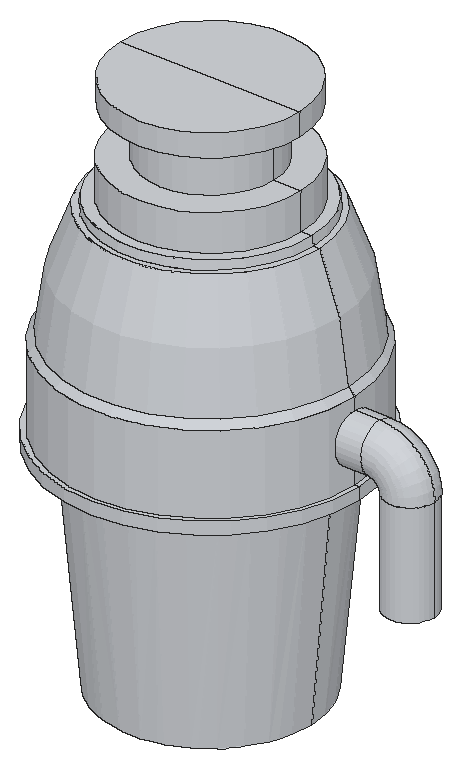
Revit family
Parameters (values of type "Model 2600")
  Waste Outlet Radius = Waste Outlet Diameter / 2  # 20 mm
  Waste Outlet Diameter = 40 mm
  Voltage = 220 V
  URL = "http://www.autospec.co.za/browse.php?id=1644179285"
  Product Code = "WW 2600"
  Power = 520 W
  OmniClass Title = ""
  OmniClass Number = ""
  Motor Speed = "2600 R.P.M"
  Motor Horsepower = "1/2 Hp"
  Modspec Classification = ""
  Specification = ""
  Material = none
  Location (revit room) = ""
  Model = "Domestic Food Waste Disposer WW - 2600"
  Manufacturer = "Kwikot"  # constant formula
  Frequency = 50 Hz
  Current = 2.25 A
  Colour = none
  Body Finish = none
  Assembly Code = "E1090200"
Reference planes
  plane 1 "Center (Front/Back)": y = 0
  plane 2: z = 0
  plane 3 "Center (Left/Right)": x = 0
Forms (mm)
  Revolve 1, solid
    sketch origin (0, 0, 0) x (1, 0, 0) y (0, 0, 1)
      loop
        line (0, 0) -> (0, -88.5) -> (75, -88.5) -> (75, -58.5) -> (52, -58.5) -> (52, -18.5) -> (74, -18.5) -> (74, 0) -> (0, 0)
      axis (0, -88.5) -> (0, 0)
    angle from 0 to 360
  Sweep 2, solid
    path origin (0, 0, 0) x (1, 0, 0) y (0, 0, 1)
      loop
        line (119, -225) -> (140, -225)
        arc (140, -225) -> (157.678, -232.322) -> (165, -250) r 25
        line (165, -250) -> (165, -335)
    profile origin (129.5, 0, -225) x (0, 0, 1) y (0, -1, 0)
      loop
        circle (0, 0) r 20
  Extrusion 3, void
    sketch origin (0, 0, 0) x (0, -1, 0) y (0, 0, 1)
      loop
        line (-15, -450) -> (15, -450) -> (15, -420)
        arc (15, -420) -> (0, -405) -> (-15, -420) r 15
        line (-15, -420) -> (-15, -450)
    from 50 to 125
  Revolve 4, solid
    sketch origin (0, 0, 0) x (1, 0, 0) y (0, 0, 1)
      loop
        line (84, -88.5) -> (0, -88.5) -> (0, -450) -> (83.337, -450) -> (100, -270) -> (123, -270) -> (123, -260) -> (119, -260) -> (119, -195) -> (114.25, -189)
        arc (114.25, -189) -> (106.878, -141.017) -> (90, -95.5) r 240
        line (90, -95.5) -> (85, -95.5) -> (84, -88.5)
      axis (0, -450) -> (0, -88.5)
    angle from 0 to 360
Cuts and joins
  Extrusion 3 cuts Revolve 1
  Extrusion 3 cuts Revolve 4
Lines and regions (mm)
  symbolic lines
    curve 1: arc (52, 0, 0) -> (0, 52, 0) -> (-52, 0, 0) r 52
    curve 2: arc (-52, 0, 0) -> (0, -52, 0) -> (52, 0, 0) r 52
    curve 3: arc (165, 20, 0) -> (145, 0, 0) -> (165, -20, 0) r 20
    curve 4: arc (165, -20, 0) -> (185, 0, 0) -> (165, 20, 0) r 20
    curve 5: arc (74, 0, 0) -> (0, 74, 0) -> (-74, 0, 0) r 74
    curve 6: arc (-74, 0, 0) -> (0, -74, 0) -> (74, 0, 0) r 74
    curve 7: arc (-84, 0, 0) -> (0, 84, 0) -> (84, 0, 0) r 84
    curve 8: arc (84, 0, 0) -> (0, -84, 0) -> (-84, 0, 0) r 84
    curve 9: arc (-90, 0, 0) -> (0, 90, 0) -> (90, 0, 0) r 90
    curve 10: arc (90, 0, 0) -> (0, -90, 0) -> (-90, 0, 0) r 90
    curve 11: arc (-100, 0, 0) -> (0, 100, 0) -> (100, 0, 0) r 100
    curve 12: arc (100, 0, 0) -> (0, -100, 0) -> (-100, 0, 0) r 100
    curve 13: arc (-114.25, 0, 0) -> (0, 114.25, 0) -> (114.25, 0, 0) r 114.25
    curve 14: arc (114.25, 0, 0) -> (0, -114.25, 0) -> (-114.25, 0, 0) r 114.25
    curve 15: arc (119, 0, 0) -> (0, 119, 0) -> (-119, 0, 0) r 119
    curve 16: arc (-119, 0, 0) -> (0, -119, 0) -> (119, 0, 0) r 119
    curve 17: arc (123, 0, 0) -> (0, 123, 0) -> (-123, 0, 0) r 123
    curve 18: arc (-123, 0, 0) -> (0, -123, 0) -> (123, 0, 0) r 123
    curve 19: line (165, 20, 0) -> (121.363, 20, 0)
    curve 20: line (165, -20, 0) -> (121.363, -20, 0)
Dimensions and locks
  plane 3 "Center (Left/Right)" to Revolve 1 sketch curve = 74 mm
  plane 3 "Center (Left/Right)" to Revolve 1 sketch curve = 52 mm
  plane 3 "Center (Left/Right)" to Revolve 1 sketch curve = 75 mm
  Revolve 1 sketch curve to plane 3 "Center (Left/Right)" = 75 mm
  Sweep 2 sketch curve to plane 3 "Center (Left/Right)" = 119 mm
  Extrusion 3 sketch curve to plane 1 "Center (Front/Back)" = 15 mm
  "Waste Outlet Radius": radius of Sweep 2 sketch curve
  aligned and locked: level to plane 2
  aligned and locked: Revolve 1 sketch curve to level
  aligned and locked: plane 3 "Center (Left/Right)" to Revolve 1 sketch curve  (x2)
  aligned and locked: profile plane to Sweep 2 sketch curve  (x2)
  aligned: curve 1 to Revolve 1
  aligned and locked: curve 2 to Revolve 1
  aligned and locked: curve 3 to Sweep 2
  aligned: curve 4 to Sweep 2
  aligned: Extrusion 3 sketch curve to Revolve 1
  aligned and locked: Revolve 4 sketch curve to cut or joined group of Revolve 1, Extrusion 3
  aligned: Revolve 4 sketch curve to cut or joined group of Revolve 1, Extrusion 3
  aligned and locked: plane 3 "Center (Left/Right)" to Revolve 4 sketch curve
  aligned and locked: curve 5 to cut or joined group of Revolve 1, Extrusion 3
  aligned and locked: curve 6 to cut or joined group of Revolve 1, Extrusion 3
  aligned and locked: curve 7 to cut or joined group of Extrusion 3, Revolve 4
  aligned and locked: curve 8 to cut or joined group of Extrusion 3, Revolve 4
  aligned and locked: curve 9 to cut or joined group of Extrusion 3, Revolve 4
  aligned and locked: curve 10 to cut or joined group of Extrusion 3, Revolve 4
  aligned and locked: curve 11 to cut or joined group of Extrusion 3, Revolve 4
  aligned and locked: curve 12 to cut or joined group of Extrusion 3, Revolve 4
  aligned and locked: curve 13 to cut or joined group of Extrusion 3, Revolve 4
  aligned and locked: curve 14 to cut or joined group of Extrusion 3, Revolve 4
  aligned and locked: curve 15 to cut or joined group of Extrusion 3, Revolve 4
  aligned and locked: curve 16 to cut or joined group of Extrusion 3, Revolve 4
  aligned and locked: curve 17 to cut or joined group of Extrusion 3, Revolve 4
  aligned and locked: curve 18 to cut or joined group of Extrusion 3, Revolve 4
Automatic sketch dimensions
  Revolve 1 sketch curve to level = 18.5 mm
  Revolve 1 sketch curve to Revolve 1 sketch curve = 40 mm
  Revolve 1 sketch curve to Revolve 1 sketch curve = 30 mm
  Revolve 1 sketch curve to Revolve 1 sketch curve = 452 mm
  level to Revolve 1 sketch curve = 84.5 mm
  Sweep 2 sketch curve to Sweep 2 sketch curve = 21 mm
  Sweep 2 sketch curve to Sweep 2 sketch curve = 25 mm
  Sweep 2 sketch curve to level = 335 mm
  Sweep 2 sketch curve to Sweep 2 sketch curve = 85 mm
Connectors
  electrical at (-50, 0, -438), driven by "Voltage", driven by "Power"
    settings: on cut or joined group of Revolve 1, Extrusion 3, index 1, voltage 220 V, apparent load 0 W, apparent load phase1 520 W, apparent load phase2 0 W, apparent load phase3 0 W, power factor 1, load classification "Other", number of poles 1, system type 31, power factor state 1, is connector primary yes, connector utility no, sub classification motor no, connector description ""
